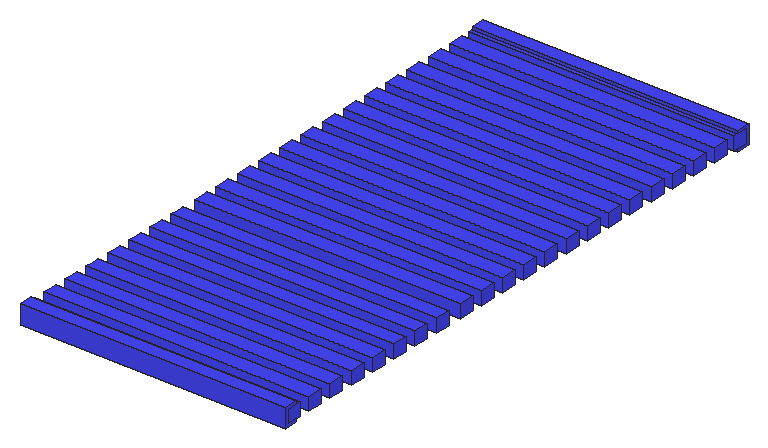
Revit family "pannello schermatura", category Modelli generici, host Superficie, Revit 2012
Parameters (values of type "pannello 100")
  pn_l = 100 cm
  legno pannello = legno pann
  acciaio pannello = acciaio pann
  Default Elevation = 121.92 cm
Types (3, lengths in cm): name | pn_l
  (no name) | 100
  pannello 120 | 120
  pannello 100 | 100
Reference planes (cm)
  plane 1 "Centro (Fronte/Retro)": y = 0
  plane 2: z = 0
  plane 3 "Centro (Sinistra/Destra)": x = 0
  plane 4: x = 100
  plane 5: x = 100
  plane 6: x = 100
  plane 7: x = 100
  plane 8: x = 100
  plane 9: x = 100
  plane 10: x = 100
  plane 11: x = 100
  plane 12: x = 100
  plane 13: x = 100
  plane 14: x = 100
  plane 15: x = 100
  plane 16: x = 100
  plane 17: x = 100
  plane 18: x = 100
  plane 19: x = 100
  plane 20: x = 100
  plane 21: x = 100
  plane 22: x = 100
  plane 23: x = 100
  plane 24: x = 100
  plane 25: x = 100
  plane 26: x = 100
Forms (cm)
  Extrusion 1, solid, material "legno pann" <- "legno pannello"
    sketch origin (0, 0, 0) x (1, 0, 0) y (0, 1, 0)
      loop
        line (0, -2.3548) -> (0, -5) -> (0, -8) -> (100, -8) -> (100, -2.3548) -> (0, -2.3548)
    from 0 to 5
  Extrusion 2, solid, material "legno pann" <- "legno pannello"
    sketch origin (0, 10, 0) x (1, 0, 0) y (0, 1, 0)
      loop
        line (0, -2.3548) -> (0, -5) -> (0, -8) -> (100, -8) -> (100, -2.3548) -> (0, -2.3548)
    from 0 to 5
  Extrusion 3, solid, material "legno pann" <- "legno pannello"
    sketch origin (0, 20, 0) x (1, 0, 0) y (0, 1, 0)
      loop
        line (0, -2.3548) -> (0, -5) -> (0, -8) -> (100, -8) -> (100, -2.3548) -> (0, -2.3548)
    from 0 to 5
  Extrusion 4, solid, material "legno pann" <- "legno pannello"
    sketch origin (0, 30, 0) x (1, 0, 0) y (0, 1, 0)
      loop
        line (0, -2.3548) -> (0, -5) -> (0, -8) -> (100, -8) -> (100, -2.3548) -> (0, -2.3548)
    from 0 to 5
  Extrusion 5, solid, material "legno pann" <- "legno pannello"
    sketch origin (0, 40, 0) x (1, 0, 0) y (0, 1, 0)
      loop
        line (0, -2.3548) -> (0, -5) -> (0, -8) -> (100, -8) -> (100, -2.3548) -> (0, -2.3548)
    from 0 to 5
  Extrusion 6, solid, material "legno pann" <- "legno pannello"
    sketch origin (0, 50, 0) x (1, 0, 0) y (0, 1, 0)
      loop
        line (0, -2.3548) -> (0, -5) -> (0, -8) -> (100, -8) -> (100, -2.3548) -> (0, -2.3548)
    from 0 to 5
  Extrusion 7, solid, material "legno pann" <- "legno pannello"
    sketch origin (0, 60, 0) x (1, 0, 0) y (0, 1, 0)
      loop
        line (0, -2.3548) -> (0, -5) -> (0, -8) -> (100, -8) -> (100, -2.3548) -> (0, -2.3548)
    from 0 to 5
  Extrusion 8, solid, material "legno pann" <- "legno pannello"
    sketch origin (0, 70, 0) x (1, 0, 0) y (0, 1, 0)
      loop
        line (0, -2.3548) -> (0, -5) -> (0, -8) -> (100, -8) -> (100, -2.3548) -> (0, -2.3548)
    from 0 to 5
  Extrusion 9, solid, material "legno pann" <- "legno pannello"
    sketch origin (0, 81.2905, 0) x (1, 0, 0) y (0, 1, 0)
      loop
        line (0, -2.3548) -> (0, -5) -> (0, -8) -> (100, -8) -> (100, -2.3548) -> (0, -2.3548)
    from 0 to 5
  Extrusion 10, solid, material "legno pann" <- "legno pannello"
    sketch origin (0, 91.2905, 0) x (1, 0, 0) y (0, 1, 0)
      loop
        line (0, -2.3548) -> (0, -5) -> (0, -8) -> (100, -8) -> (100, -2.3548) -> (0, -2.3548)
    from 0 to 5
  Extrusion 11, solid, material "legno pann" <- "legno pannello"
    sketch origin (0, 101.2905, 0) x (1, 0, 0) y (0, 1, 0)
      loop
        line (0, -2.3548) -> (0, -5) -> (0, -8) -> (100, -8) -> (100, -2.3548) -> (0, -2.3548)
    from 0 to 5
  Extrusion 12, solid, material "legno pann" <- "legno pannello"
    sketch origin (0, 111.2905, 0) x (1, 0, 0) y (0, 1, 0)
      loop
        line (0, -2.3548) -> (0, -5) -> (0, -8) -> (100, -8) -> (100, -2.3548) -> (0, -2.3548)
    from 0 to 5
  Extrusion 13, solid, material "legno pann" <- "legno pannello"
    sketch origin (0, 121.2905, 0) x (1, 0, 0) y (0, 1, 0)
      loop
        line (0, -2.3548) -> (0, -5) -> (0, -8) -> (100, -8) -> (100, -2.3548) -> (0, -2.3548)
    from 0 to 5
  Extrusion 14, solid, material "legno pann" <- "legno pannello"
    sketch origin (0, 131.2905, 0) x (1, 0, 0) y (0, 1, 0)
      loop
        line (0, -2.3548) -> (0, -5) -> (0, -8) -> (100, -8) -> (100, -2.3548) -> (0, -2.3548)
    from 0 to 5
  Extrusion 15, solid, material "legno pann" <- "legno pannello"
    sketch origin (0, 141.2905, 0) x (1, 0, 0) y (0, 1, 0)
      loop
        line (0, -2.3548) -> (0, -5) -> (0, -8) -> (100, -8) -> (100, -2.3548) -> (0, -2.3548)
    from 0 to 5
  Extrusion 16, solid, material "legno pann" <- "legno pannello"
    sketch origin (0, 151.2905, 0) x (1, 0, 0) y (0, 1, 0)
      loop
        line (0, -2.3548) -> (0, -5) -> (0, -8) -> (100, -8) -> (100, -2.3548) -> (0, -2.3548)
    from 0 to 5
  Extrusion 17, solid, material "legno pann" <- "legno pannello"
    sketch origin (0, 161.2905, 0) x (1, 0, 0) y (0, 1, 0)
      loop
        line (0, -2.3548) -> (0, -5) -> (0, -8) -> (100, -8) -> (100, -2.3548) -> (0, -2.3548)
    from 0 to 5
  Extrusion 18, solid, material "legno pann" <- "legno pannello"
    sketch origin (0, 210.2905, 0) x (1, 0, 0) y (0, 1, 0)
      loop
        line (0, -2.3548) -> (0, -5) -> (0, -8) -> (100, -8) -> (100, -2.3548) -> (0, -2.3548)
    from 0 to 5
  Sweep 19, solid, material "acciaio pann" <- "acciaio pannello"
    path origin (0, 0, 0) x (1, 0, 0) y (0, 1, 0)
      loop
        line (0, -8) -> (100, -8)
    profile origin (50, -8, 0) x (0, 1, 0) y (0, 0, 1)
      loop
        line (0, 0) -> (0, 5) -> (4, 5) -> (4, 6) -> (-1, 6) -> (-1, -1) -> (4, -1) -> (4, 0) -> (0, 0)
  Sweep 20, solid, material "acciaio pann" <- "acciaio pannello"
    path origin (100, 199.9357, 0) x (-1, 0, 0) y (0, -1, 0)
      loop
        line (0, -8) -> (100, -8)
    profile origin (50, 207.9357, 0) x (0, -1, 0) y (0, 0, 1)
      loop
        line (0, 0) -> (0, 5) -> (4, 5) -> (4, 6) -> (-1, 6) -> (-1, -1) -> (4, -1) -> (4, 0) -> (0, 0)
  Extrusion 21, solid, material "acciaio pann" <- "acciaio pannello"
    sketch origin (0, 0, 0) x (0, 1, 0) y (1, 0, 0)
      loop
        line (-2.3548, 87.4558) -> (-2.3548, 81.4558) -> (208.9357, 81.4558) -> (208.9357, 87.4558) -> (-2.3548, 87.4558)
    from 0 to 1
  Extrusion 22, solid, material "acciaio pann" <- "acciaio pannello"
    sketch origin (-73.5, 0, 0) x (0, 1, 0) y (1, 0, 0)
      loop
        line (-2.3548, 87.4558) -> (-2.3548, 81.4558) -> (208.9357, 81.4558) -> (208.9357, 87.4558) -> (-2.3548, 87.4558)
    from 0 to 1
  Extrusion 23, solid, material "legno pann" <- "legno pannello"
    sketch origin (0, 171.2905, 0) x (1, 0, 0) y (0, 1, 0)
      loop
        line (0, -2.3548) -> (0, -5) -> (0, -8) -> (100, -8) -> (100, -2.3548) -> (0, -2.3548)
    from 0 to 5
  Extrusion 24, solid, material "legno pann" <- "legno pannello"
    sketch origin (0, 181.2905, 0) x (1, 0, 0) y (0, 1, 0)
      loop
        line (0, -2.3548) -> (0, -5) -> (0, -8) -> (100, -8) -> (100, -2.3548) -> (0, -2.3548)
    from 0 to 5
  Extrusion 25, solid, material "legno pann" <- "legno pannello"
    sketch origin (0, 191.2905, 0) x (1, 0, 0) y (0, 1, 0)
      loop
        line (0, -2.3548) -> (0, -5) -> (0, -8) -> (100, -8) -> (100, -2.3548) -> (0, -2.3548)
    from 0 to 5
  Extrusion 26, solid, material "legno pann" <- "legno pannello"
    sketch origin (0, 201.2905, 0) x (1, 0, 0) y (0, 1, 0)
      loop
        line (0, -2.3548) -> (0, -5) -> (0, -8) -> (100, -8) -> (100, -2.3548) -> (0, -2.3548)
    from 0 to 5
Dimensions and locks (cm)
  "pn_l": plane 4 to plane 3 "Centro (Sinistra/Destra)"
  "pn_l": plane 22 to plane 3 "Centro (Sinistra/Destra)"
  aligned and locked: host face to plane 2
  aligned and locked: host face to level
  aligned and locked: plane 4 to Extrusion 1 sketch curve
  aligned and locked: Extrusion 2 to plane 22
  aligned and locked: Extrusion 3 to plane 22
  aligned and locked: Extrusion 4 to plane 22
  aligned and locked: Extrusion 5 to plane 22
  aligned and locked: Extrusion 6 to plane 22
  aligned and locked: Extrusion 7 to plane 22
  aligned and locked: Extrusion 8 to plane 22
  aligned and locked: Extrusion 9 to plane 22
  aligned and locked: Extrusion 10 to plane 22
  aligned and locked: Extrusion 11 to plane 22
  aligned and locked: Extrusion 12 to plane 22
  aligned and locked: Extrusion 13 to plane 22
  aligned and locked: Extrusion 14 to plane 22
  aligned and locked: Extrusion 15 to plane 22
  aligned and locked: Extrusion 16 to plane 22
  aligned and locked: Extrusion 17 to plane 22
  aligned and locked: Extrusion 18 to plane 22
  aligned and locked: plane 3 "Centro (Sinistra/Destra)" to Sweep 19
  aligned and locked: Sweep 20 to plane 3 "Centro (Sinistra/Destra)"
  aligned and locked: Sweep 20 to Extrusion 21
  aligned and locked: Sweep 20 to Extrusion 22
Automatic sketch dimensions
  host sketch curve to host sketch curve = 318.2387 cm
  host sketch curve to host sketch curve = 393.92 cm
  Extrusion 1 sketch curve to plane 3 "Centro (Sinistra/Destra)" = 0 cm
  plane 1 "Centro (Fronte/Retro)" to Extrusion 1 sketch curve = 8 cm
  Extrusion 1 sketch curve to Extrusion 1 sketch curve = 3 cm
  plane 1 "Centro (Fronte/Retro)" to Extrusion 1 sketch curve = 2.3548 cm
  Extrusion 2 sketch curve to plane 3 "Centro (Sinistra/Destra)" = 0 cm
  Extrusion 2 sketch curve to plane 5 = 0 cm
  Extrusion 2 sketch curve to plane 1 "Centro (Fronte/Retro)" = 2 cm
  Extrusion 2 sketch curve to Extrusion 2 sketch curve = 3 cm
  Extrusion 2 sketch curve to Extrusion 2 sketch curve = 2.6452 cm
  Extrusion 3 sketch curve to plane 3 "Centro (Sinistra/Destra)" = 0 cm
  Extrusion 3 sketch curve to plane 6 = 0 cm
  Extrusion 3 sketch curve to plane 1 "Centro (Fronte/Retro)" = 12 cm
  Extrusion 3 sketch curve to Extrusion 3 sketch curve = 3 cm
  Extrusion 3 sketch curve to Extrusion 3 sketch curve = 2.6452 cm
  Extrusion 4 sketch curve to plane 3 "Centro (Sinistra/Destra)" = 0 cm
  Extrusion 4 sketch curve to plane 7 = 0 cm
  Extrusion 4 sketch curve to plane 1 "Centro (Fronte/Retro)" = 22 cm
  Extrusion 4 sketch curve to Extrusion 4 sketch curve = 3 cm
  Extrusion 4 sketch curve to Extrusion 4 sketch curve = 2.6452 cm
  Extrusion 5 sketch curve to plane 3 "Centro (Sinistra/Destra)" = 0 cm
  Extrusion 5 sketch curve to plane 8 = 0 cm
  Extrusion 5 sketch curve to plane 1 "Centro (Fronte/Retro)" = 32 cm
  Extrusion 5 sketch curve to Extrusion 5 sketch curve = 3 cm
  Extrusion 5 sketch curve to Extrusion 5 sketch curve = 2.6452 cm
  Extrusion 6 sketch curve to plane 3 "Centro (Sinistra/Destra)" = 0 cm
  Extrusion 6 sketch curve to plane 9 = 0 cm
  Extrusion 6 sketch curve to plane 1 "Centro (Fronte/Retro)" = 42 cm
  Extrusion 6 sketch curve to Extrusion 6 sketch curve = 3 cm
  Extrusion 6 sketch curve to Extrusion 6 sketch curve = 2.6452 cm
  Extrusion 7 sketch curve to plane 3 "Centro (Sinistra/Destra)" = 0 cm
  Extrusion 7 sketch curve to plane 10 = 0 cm
  Extrusion 7 sketch curve to plane 1 "Centro (Fronte/Retro)" = 52 cm
  Extrusion 7 sketch curve to Extrusion 7 sketch curve = 3 cm
  Extrusion 7 sketch curve to Extrusion 7 sketch curve = 2.6452 cm
  Extrusion 8 sketch curve to plane 3 "Centro (Sinistra/Destra)" = 0 cm
  Extrusion 8 sketch curve to plane 11 = 0 cm
  Extrusion 8 sketch curve to plane 1 "Centro (Fronte/Retro)" = 62 cm
  Extrusion 8 sketch curve to Extrusion 8 sketch curve = 3 cm
  Extrusion 8 sketch curve to Extrusion 8 sketch curve = 2.6452 cm
  Extrusion 9 sketch curve to plane 3 "Centro (Sinistra/Destra)" = 0 cm
  Extrusion 9 sketch curve to plane 12 = 0 cm
  Extrusion 9 sketch curve to plane 1 "Centro (Fronte/Retro)" = 73.2905 cm
  Extrusion 9 sketch curve to Extrusion 9 sketch curve = 3 cm
  Extrusion 9 sketch curve to Extrusion 9 sketch curve = 2.6452 cm
  Extrusion 10 sketch curve to plane 3 "Centro (Sinistra/Destra)" = 0 cm
  Extrusion 10 sketch curve to plane 13 = 0 cm
  Extrusion 10 sketch curve to plane 1 "Centro (Fronte/Retro)" = 83.2905 cm
  Extrusion 10 sketch curve to Extrusion 10 sketch curve = 3 cm
  Extrusion 10 sketch curve to Extrusion 10 sketch curve = 2.6452 cm
  Extrusion 11 sketch curve to plane 3 "Centro (Sinistra/Destra)" = 0 cm
  Extrusion 11 sketch curve to plane 14 = 0 cm
  Extrusion 11 sketch curve to plane 1 "Centro (Fronte/Retro)" = 93.2905 cm
  Extrusion 11 sketch curve to Extrusion 11 sketch curve = 3 cm
  Extrusion 11 sketch curve to Extrusion 11 sketch curve = 2.6452 cm
  Extrusion 12 sketch curve to plane 3 "Centro (Sinistra/Destra)" = 0 cm
  Extrusion 12 sketch curve to plane 15 = 0 cm
  Extrusion 12 sketch curve to plane 1 "Centro (Fronte/Retro)" = 103.2905 cm
  Extrusion 12 sketch curve to Extrusion 12 sketch curve = 3 cm
  Extrusion 12 sketch curve to Extrusion 12 sketch curve = 2.6452 cm
  Extrusion 13 sketch curve to plane 3 "Centro (Sinistra/Destra)" = 0 cm
  Extrusion 13 sketch curve to plane 16 = 0 cm
  Extrusion 13 sketch curve to plane 1 "Centro (Fronte/Retro)" = 113.2905 cm
  Extrusion 13 sketch curve to Extrusion 13 sketch curve = 3 cm
  Extrusion 13 sketch curve to Extrusion 13 sketch curve = 2.6452 cm
  Extrusion 14 sketch curve to plane 3 "Centro (Sinistra/Destra)" = 0 cm
  Extrusion 14 sketch curve to plane 17 = 0 cm
  Extrusion 14 sketch curve to plane 1 "Centro (Fronte/Retro)" = 123.2905 cm
  Extrusion 14 sketch curve to Extrusion 14 sketch curve = 3 cm
  Extrusion 14 sketch curve to Extrusion 14 sketch curve = 2.6452 cm
  Extrusion 15 sketch curve to plane 3 "Centro (Sinistra/Destra)" = 0 cm
  Extrusion 15 sketch curve to plane 18 = 0 cm
  Extrusion 15 sketch curve to plane 1 "Centro (Fronte/Retro)" = 133.2905 cm
  Extrusion 15 sketch curve to Extrusion 15 sketch curve = 3 cm
  Extrusion 15 sketch curve to Extrusion 15 sketch curve = 2.6452 cm
  Extrusion 16 sketch curve to plane 3 "Centro (Sinistra/Destra)" = 0 cm
  Extrusion 16 sketch curve to plane 19 = 0 cm
  Extrusion 16 sketch curve to plane 1 "Centro (Fronte/Retro)" = 143.2905 cm
  Extrusion 16 sketch curve to Extrusion 16 sketch curve = 3 cm
  Extrusion 16 sketch curve to Extrusion 16 sketch curve = 2.6452 cm
  Extrusion 17 sketch curve to plane 3 "Centro (Sinistra/Destra)" = 0 cm
  Extrusion 17 sketch curve to plane 20 = 0 cm
  Extrusion 17 sketch curve to plane 1 "Centro (Fronte/Retro)" = 153.2905 cm
  Extrusion 17 sketch curve to Extrusion 17 sketch curve = 3 cm
  Extrusion 17 sketch curve to Extrusion 17 sketch curve = 2.6452 cm
  Extrusion 18 sketch curve to plane 3 "Centro (Sinistra/Destra)" = 0 cm
  Extrusion 18 sketch curve to plane 21 = 0 cm
  Extrusion 18 sketch curve to plane 1 "Centro (Fronte/Retro)" = 202.2905 cm
  Extrusion 18 sketch curve to Extrusion 18 sketch curve = 3 cm
  Extrusion 18 sketch curve to Extrusion 18 sketch curve = 2.6452 cm
  Sweep 19 sketch curve to plane 3 "Centro (Sinistra/Destra)" = 0 cm
  Sweep 19 sketch curve to plane 22 = 0 cm
  plane 1 "Centro (Fronte/Retro)" to Sweep 19 sketch curve = 8 cm
  Sweep 19 sketch curve to level = 0 cm
  Sweep 19 sketch curve to profile plane = 0 cm
  profile plane to Sweep 19 sketch curve = 1 cm
  Sweep 19 sketch curve to level = 1 cm
  Sweep 19 sketch curve to profile plane = 4 cm  (x2)
  Sweep 19 sketch curve to Sweep 19 sketch curve = 5 cm
  Sweep 19 sketch curve to Sweep 19 sketch curve = 1 cm
  Sweep 20 sketch curve to plane 22 = 0 cm
  Sweep 20 sketch curve to plane 3 "Centro (Sinistra/Destra)" = 0 cm
  Sweep 20 sketch curve to plane 1 "Centro (Fronte/Retro)" = 207.9357 cm
  Sweep 20 sketch curve to profile plane = 0 cm  (x2)
  profile plane to Sweep 20 sketch curve = 1 cm
  Sweep 20 sketch curve to profile plane = 1 cm
  Sweep 20 sketch curve to profile plane = 4 cm  (x2)
  profile plane to Sweep 20 sketch curve = 5 cm
  Sweep 20 sketch curve to Sweep 20 sketch curve = 1 cm
  Extrusion 1 to Extrusion 21 sketch curve = 0 cm
  Extrusion 1 to Extrusion 21 sketch curve = 12.5442 cm
  Extrusion 21 sketch curve to Extrusion 1 = 211.2905 cm
  Extrusion 21 sketch curve to Extrusion 21 sketch curve = 6 cm
  Extrusion 1 to Extrusion 22 sketch curve = 0 cm
  Extrusion 1 to Extrusion 22 sketch curve = 13.9558 cm
  Extrusion 22 sketch curve to Extrusion 22 sketch curve = 211.2905 cm
  Extrusion 22 sketch curve to Extrusion 22 sketch curve = 6 cm
  Extrusion 23 sketch curve to plane 3 "Centro (Sinistra/Destra)" = 0 cm
  Extrusion 23 sketch curve to plane 22 = 0 cm
  Extrusion 23 sketch curve to plane 1 "Centro (Fronte/Retro)" = 163.2905 cm
  Extrusion 23 sketch curve to Extrusion 23 sketch curve = 3 cm
  Extrusion 23 sketch curve to Extrusion 23 sketch curve = 2.6452 cm
  Extrusion 24 sketch curve to plane 3 "Centro (Sinistra/Destra)" = 0 cm
  Extrusion 24 sketch curve to plane 22 = 0 cm
  Extrusion 24 sketch curve to plane 1 "Centro (Fronte/Retro)" = 173.2905 cm
  Extrusion 24 sketch curve to Extrusion 24 sketch curve = 3 cm
  Extrusion 24 sketch curve to Extrusion 24 sketch curve = 2.6452 cm
  Extrusion 25 sketch curve to plane 3 "Centro (Sinistra/Destra)" = 0 cm
  Extrusion 25 sketch curve to plane 22 = 0 cm
  Extrusion 25 sketch curve to plane 1 "Centro (Fronte/Retro)" = 183.2905 cm
  Extrusion 25 sketch curve to Extrusion 25 sketch curve = 3 cm
  Extrusion 25 sketch curve to Extrusion 25 sketch curve = 2.6452 cm
  Extrusion 26 sketch curve to plane 3 "Centro (Sinistra/Destra)" = 0 cm
  Extrusion 26 sketch curve to plane 22 = 0 cm
  Extrusion 26 sketch curve to plane 1 "Centro (Fronte/Retro)" = 193.2905 cm
  Extrusion 26 sketch curve to Extrusion 26 sketch curve = 3 cm
  Extrusion 26 sketch curve to Extrusion 26 sketch curve = 2.6452 cm
